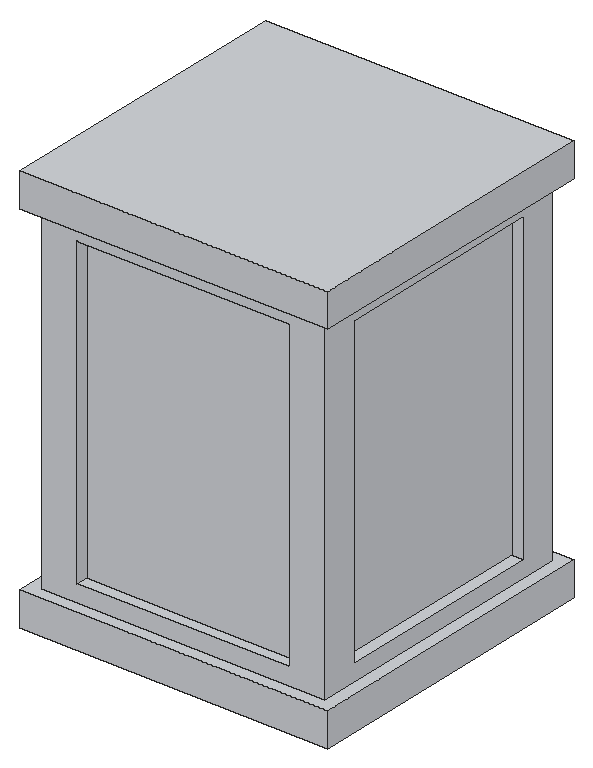
Revit family
Parameters (values of type "SBSP-035.1")
  Width = 1' - 6"
  URL = "www.strombergarchitectural.com"
  Top Material = GFRC
  Submittal Sheet = "www.strombergarchitectural.com/images/materials/gfrc/submittal/gfrc-submittal-sheet.pdf"
  Specifications = "www.strombergarchitectural.com/gfrcspecifications"
  Model Cut-sheet = "www.strombergarchitectural.com/products/bollards/design/SBSP-035"
  Model = "SBSP-035"
  Manufacturer = "Stromberg Architectural Products"
  Guidebook = "www.strombergarchitectural.com/images/materials/gfrc/handbooks/gfrc_guidebook.pdf   \r\n(http://www.strombergarchitectural.com/images/materials/gfrc/handbooks/gfrc_guidebook.pdf"
  Frame Material = none
  Description = "GFRC Bollard"
  Assembly Code = ""
  Height = 2' - 0"
  035.5 = no
  035.4 = no
  035.3 = no
  035.2 = no
  035.1 = yes
Types (6): name | Width | Guidebook | Height | 035.5 | 035.4 | 035.3 | 035.2 | 035.1
  (no name) | 1' - 6" | "www.strombergarchitectural.com/images/materials/gfrc/handbooks/gfrc_guidebook.pdf   \r\n(http://www.strombergarchitectural.com/images/materials/gfrc/handbooks/gfrc_guidebook.pdf" | 2' - 0" | no | no | no | no | yes
  SBSP-035.3 | 2' - 2" | "www.strombergarchitectural.com/images/materials/gfrc/handbooks/gfrc_guidebook.pdf" | 3' - 0" | no | no | yes | no | no
  SBSP-035.1 | 1' - 6" | "www.strombergarchitectural.com/images/materials/gfrc/handbooks/gfrc_guidebook.pdf   \r\n(http://www.strombergarchitectural.com/images/materials/gfrc/handbooks/gfrc_guidebook.pdf" | 2' - 0" | no | no | no | no | yes
  SBSP-035.2 | 1' - 10" | "www.strombergarchitectural.com/images/materials/gfrc/handbooks/gfrc_guidebook.pdf" | 2' - 6" | no | no | no | yes | no
  SBSP-035.4 | 2' - 7" | "www.strombergarchitectural.com/images/materials/gfrc/handbooks/gfrc_guidebook.pdf" | 3' - 6" | no | yes | no | no | no
  SBSP-035.5 | 2' - 11" | "www.strombergarchitectural.com/images/materials/gfrc/handbooks/gfrc_guidebook.pdf" | 4' - 0" | yes | no | no | no | no
Reference planes (in)
  plane 1 "Center (Front/Back)": y = 3.74847
  plane 2: z = 0
  plane 3 "Center (Left/Right)": x = 0.7278
  plane 4 "Front": y = -3.25153
  plane 5 "Back": y = 10.74847
  plane 6 "Left": x = -17.2722
  plane 7 "Right": x = 18.7278
Forms (in)
  Extrusion 1, solid, visible <- "035.1"
    sketch origin (-97.60866, 0, -4.01074) x (1, 0, 0) y (0, 1, 0)
      loop
        line (89.33646, -9.84683) -> (107.33646, -9.84683) -> (107.33646, 8.15317) -> (89.33646, 8.15317) -> (89.33646, -9.84683)
    from 4.01074 to 6
  Extrusion 2, solid, visible <- "035.1"
    sketch origin (-97.60866, 0, -2.01074) x (1, 0, 0) y (0, 1, 0)
      loop
        line (106.64415, -9.15452) -> (106.64415, -7.0776) -> (105.95184, -7.0776) -> (105.95184, 5.38394) -> (106.64415, 5.38394) -> (106.64415, 7.46086) -> (104.56723, 7.46086) -> (104.56723, 6.76855) -> (92.10569, 6.76855) -> (92.10569, 7.46086) -> (90.02876, 7.46086) -> (90.02876, 5.38394) -> (90.72107, 5.38394) -> (90.72107, -7.0776) -> (90.02876, -7.0776) -> (90.02876, -9.15452) -> (92.10569, -9.15452) -> (92.10569, -8.46222) -> (104.56723, -8.46222) -> (104.56723, -9.15452) -> (106.64415, -9.15452)
    from 4.98926 to 23
  Extrusion 3, solid, visible <- "035.1"
    sketch origin (-97.60866, 0, 17.97852) x (1, 0, 0) y (0, 1, 0)
      loop
        line (89.33646, -9.84683) -> (107.33646, -9.84683) -> (107.33646, 8.15317) -> (89.33646, 8.15317) -> (89.33646, -9.84683)
    from 4.01074 to 6
  Extrusion 4, solid, visible <- "035.2"
    sketch origin (-143.21462, 0, -4) x (1, 0, 0) y (0, 1, 0)
      loop
        line (154.94242, -13.84683) -> (154.94242, 8.15317) -> (132.94242, 8.15317) -> (132.94242, -13.84683) -> (154.94242, -13.84683)
    from 4 to 6.5
  Extrusion 5, solid, visible <- "035.2"
    sketch origin (-143.21462, 0, -1.5) x (1, 0, 0) y (0, 1, 0)
      loop
        line (151.55781, -13.00068) -> (154.09627, -13.00068) -> (154.09627, -10.46222) -> (153.25011, -10.46222) -> (153.25011, 4.76855) -> (154.09627, 4.76855) -> (154.09627, 7.30701) -> (151.55781, 7.30701) -> (151.55781, 6.46086) -> (136.32704, 6.46086) -> (136.32704, 7.30701) -> (133.78858, 7.30701) -> (133.78858, 4.76855) -> (134.63473, 4.76855) -> (134.63473, -10.46222) -> (133.78858, -10.46222) -> (133.78858, -13.00068) -> (136.32704, -13.00068) -> (136.32704, -12.15452) -> (151.55781, -12.15452) -> (151.55781, -13.00068)
    from 5.25 to 27.75
  Extrusion 6, solid, visible <- "035.2"
    sketch origin (-143.21462, 0, 23.5) x (1, 0, 0) y (0, 1, 0)
      loop
        line (154.94242, -13.84683) -> (154.94242, 8.15317) -> (132.94242, 8.15317) -> (132.94242, -13.84683) -> (154.94242, -13.84683)
    from 4 to 6.5
  Extrusion 7, solid, visible <- "035.3"
    sketch origin (-187.08872, 0, -4) x (1, 0, 0) y (0, 1, 0)
      loop
        line (200.81652, -17.84683) -> (200.81652, 8.15317) -> (174.81652, 8.15317) -> (174.81652, -17.84683) -> (200.81652, -17.84683)
    from 4 to 7
  Extrusion 8, solid, visible <- "035.3"
    sketch origin (-187.08872, 0, -1) x (1, 0, 0) y (0, 1, 0)
      loop
        line (196.81652, -16.84683) -> (199.81652, -16.84683) -> (199.81652, -13.84683) -> (198.81652, -13.84683) -> (198.81652, 4.15317) -> (199.81652, 4.15317) -> (199.81652, 7.15317) -> (196.81652, 7.15317) -> (196.81652, 6.15317) -> (178.81652, 6.15317) -> (178.81652, 7.15317) -> (175.81652, 7.15317) -> (175.81652, 4.15317) -> (176.81652, 4.15317) -> (176.81652, -13.84683) -> (175.81652, -13.84683) -> (175.81652, -16.84683) -> (178.81652, -16.84683) -> (178.81652, -15.84683) -> (196.81652, -15.84683) -> (196.81652, -16.84683)
    from 5.5 to 32.5
  Extrusion 9, solid, visible <- "035.3"
    sketch origin (-187.08872, 0, -4) x (1, 0, 0) y (0, 1, 0)
      loop
        line (200.81652, -17.84683) -> (200.81652, 8.15317) -> (174.81652, 8.15317) -> (174.81652, -17.84683) -> (200.81652, -17.84683)
    from 4 to 7
  Extrusion 10, solid, visible <- "035.3"
    sketch origin (-187.08872, 0, 29) x (1, 0, 0) y (0, 1, 0)
      loop
        line (200.81652, -17.84683) -> (200.81652, 8.15317) -> (174.81652, 8.15317) -> (174.81652, -17.84683) -> (200.81652, -17.84683)
    from 4 to 7
  Extrusion 11, solid, visible <- "035.4"
    sketch origin (-236.93002, 0, -4) x (1, 0, 0) y (0, 1, 0)
      loop
        line (253.15782, -17.84683) -> (253.15782, 13.15317) -> (222.15782, 13.15317) -> (222.15782, -17.84683) -> (253.15782, -17.84683)
    from 4 to 7.5
  Extrusion 12, solid, visible <- "035.4"
    sketch origin (-236.93002, 0, -0.5) x (1, 0, 0) y (0, 1, 0)
      loop
        line (248.38859, -16.65452) -> (251.96551, -16.65452) -> (251.96551, -13.0776) -> (250.7732, -13.0776) -> (250.7732, 8.38394) -> (251.96551, 8.38394) -> (251.96551, 11.96086) -> (248.38859, 11.96086) -> (248.38859, 10.76855) -> (226.92705, 10.76855) -> (226.92705, 11.96086) -> (223.35013, 11.96086) -> (223.35013, 8.38394) -> (224.54244, 8.38394) -> (224.54244, -13.0776) -> (223.35013, -13.0776) -> (223.35013, -16.65452) -> (226.92705, -16.65452) -> (226.92705, -15.46222) -> (248.38859, -15.46222) -> (248.38859, -16.65452)
    from 5.75 to 37.25
  Extrusion 13, solid, visible <- "035.4"
    sketch origin (-236.93002, 0, 34.5) x (1, 0, 0) y (0, 1, 0)
      loop
        line (253.15782, -17.84683) -> (253.15782, 13.15317) -> (222.15782, 13.15317) -> (222.15782, -17.84683) -> (253.15782, -17.84683)
    from 4 to 7.5
  Extrusion 14, solid, visible <- "035.5"
    sketch origin (-281.9587, 0, -4) x (1, 0, 0) y (0, 1, 0)
      loop
        line (300.1865, -17.84683) -> (300.1865, 17.15317) -> (265.1865, 17.15317) -> (265.1865, -17.84683) -> (300.1865, -17.84683)
    from 4 to 8
  Extrusion 15, solid, visible <- "035.5"
    sketch origin (-281.9587, 0, 0) x (1, 0, 0) y (0, 1, 0)
      loop
        line (294.80188, -16.50068) -> (298.84034, -16.50068) -> (298.84034, -12.46222) -> (297.49419, -12.46222) -> (297.49419, 11.76855) -> (298.84034, 11.76855) -> (298.84034, 15.80701) -> (294.80188, 15.80701) -> (294.80188, 14.46086) -> (270.57111, 14.46086) -> (270.57111, 15.80701) -> (266.53265, 15.80701) -> (266.53265, 11.76855) -> (267.8788, 11.76855) -> (267.8788, -12.46222) -> (266.53265, -12.46222) -> (266.53265, -16.50068) -> (270.57111, -16.50068) -> (270.57111, -15.15452) -> (294.80188, -15.15452) -> (294.80188, -16.50068)
    from 6 to 42
  Extrusion 16, solid, visible <- "035.5"
    sketch origin (-281.9587, 0, 40) x (1, 0, 0) y (0, 1, 0)
      loop
        line (300.1865, -17.84683) -> (300.1865, 17.15317) -> (265.1865, 17.15317) -> (265.1865, -17.84683) -> (300.1865, -17.84683)
    from 4 to 8
  Extrusion 17, solid, visible <- "035.1"
    sketch origin (-97.60866, 0, -2.02148) x (1, 0, 0) y (0, 1, 0)
      loop
        line (106.64415, -9.15452) -> (106.64415, 7.46086) -> (90.02876, 7.46086) -> (90.02876, -9.15452) -> (106.64415, -9.15452)
    from 4 to 5
  Extrusion 18, solid, visible <- "035.1"
    sketch origin (-97.60866, 0, 16.98926) x (1, 0, 0) y (0, 1, 0)
      loop
        line (106.64415, -9.15452) -> (106.64415, 7.46086) -> (90.02876, 7.46086) -> (90.02876, -9.15452) -> (106.64415, -9.15452)
    from 4 to 5
  Extrusion 19, solid, visible <- "035.2"
    sketch origin (-143.21462, 0, -1.5) x (1, 0, 0) y (0, 1, 0)
      loop
        line (154.09627, -13.00068) -> (154.09627, 7.30701) -> (133.78858, 7.30701) -> (133.78858, -13.00068) -> (154.09627, -13.00068)
    from 4 to 5.25
  Extrusion 20, solid, visible <- "035.2"
    sketch origin (-143.21462, 0, 22.25) x (1, 0, 0) y (0, 1, 0)
      loop
        line (154.09627, -13.00068) -> (154.09627, 7.30701) -> (133.78858, 7.30701) -> (133.78858, -13.00068) -> (154.09627, -13.00068)
    from 4 to 5.25
  Extrusion 21, solid, visible <- "035.3"
    sketch origin (-187.08872, 0, -1) x (1, 0, 0) y (0, 1, 0)
      loop
        line (199.81652, -16.84683) -> (199.81652, 7.15317) -> (175.81652, 7.15317) -> (175.81652, -16.84683) -> (199.81652, -16.84683)
    from 4 to 5.5
  Extrusion 22, solid, visible <- "035.3"
    sketch origin (-187.08872, 0, 27.5) x (0, -1, 0) y (1, 0, 0)
      loop
        line (16.84683, 199.81652) -> (-7.15317, 199.81652) -> (-7.15317, 175.81652) -> (16.84683, 175.81652) -> (16.84683, 199.81652)
    from 4 to 5.5
  Extrusion 23, solid, visible <- "035.4"
    sketch origin (-236.93002, 0, -0.5) x (1, 0, 0) y (0, 1, 0)
      loop
        line (251.96551, -16.65452) -> (251.96551, 11.96086) -> (223.35013, 11.96086) -> (223.35013, -16.65452) -> (251.96551, -16.65452)
    from 4 to 5.75
  Extrusion 24, solid, visible <- "035.4"
    sketch origin (-236.93002, 0, 32.75) x (0, -1, 0) y (1, 0, 0)
      loop
        line (16.65452, 251.96551) -> (-11.96086, 251.96551) -> (-11.96086, 223.35013) -> (16.65452, 223.35013) -> (16.65452, 251.96551)
    from 4 to 5.75
  Extrusion 25, solid, visible <- "035.5"
    sketch origin (-281.9587, 0, 0) x (1, 0, 0) y (0, 1, 0)
      loop
        line (298.84034, -16.50068) -> (298.84034, 15.80701) -> (266.53265, 15.80701) -> (266.53265, -16.50068) -> (298.84034, -16.50068)
    from 4 to 6
  Extrusion 26, solid, visible <- "035.5"
    sketch origin (-281.9587, 0, 38) x (0, -1, 0) y (1, 0, 0)
      loop
        line (16.50068, 298.84034) -> (-15.80701, 298.84034) -> (-15.80701, 266.53265) -> (16.50068, 266.53265) -> (16.50068, 298.84034)
    from 4 to 6
Cuts and joins
  joined: Extrusion 1, Extrusion 2, Extrusion 3, Extrusion 17, Extrusion 18
  joined: Extrusion 4, Extrusion 5, Extrusion 6, Extrusion 19, Extrusion 20
  joined: Extrusion 11, Extrusion 12, Extrusion 13, Extrusion 23, Extrusion 24
  joined: Extrusion 14, Extrusion 15, Extrusion 16, Extrusion 25, Extrusion 26
  joined: Extrusion 7, Extrusion 8, Extrusion 9, Extrusion 10, Extrusion 21, Extrusion 22
Dimensions and locks (in)
  aligned and locked: level to plane 2
